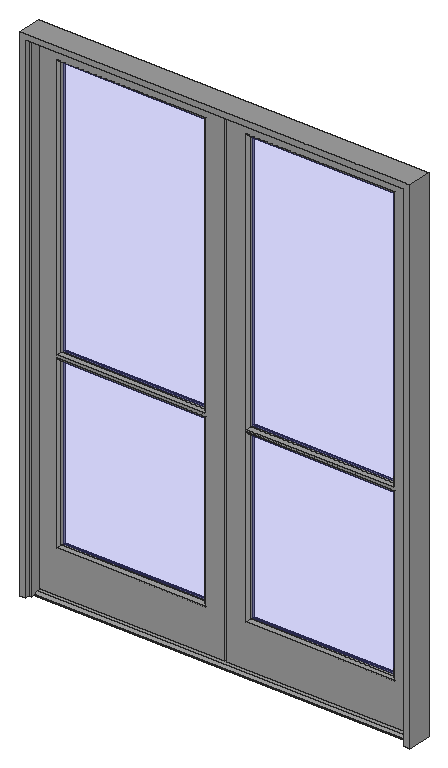
Revit family "MS-375 PIVOT DOOR-Double-0.25-CW_v05", category Curtain Panels, Revit 2015 (continued)
Definition of nested family "2.5x6-RTCIG CW-H8533-DHD-OHD SC-DI"
  Lines and regions (in)
    detail lines, in view "Ref. Level", detail levels fine
      curve 46: line (-1.28244, -1, 0) -> (0.68756, -1, 0)
      curve 47: line (0.68756, -1, 0) -> (0.68756, -1.5, 0)
      curve 48: line (0.68756, -1.5, 0) -> (2.31256, -1.5, 0)
      curve 49: line (2.31256, -1.5, 0) -> (2.31256, -1, 0)
      curve 50: line (2.31256, -1, 0) -> (3.21756, -1, 0)
      curve 51: line (3.21756, -1, 0) -> (3.21756, 0, 0)
      curve 52: line (3.21756, 0, 0) -> (-1.28244, 0, 0)
      curve 53: arc (-1.28244, -0.25, 0) -> (-1.26095, -0.125, 0) -> (-1.28244, 0, 0) r 0.37439
      curve 54: arc (3.21756, 0, 0) -> (3.19608, -0.125, 0) -> (3.21756, -0.25, 0) r 0.37439
      curve 55: arc (1.95497, -1.14175, 0) -> (1.95619, -1.1362, 0) -> (1.95482, -1.13068, 0) r 0.0125
      curve 56: arc (1.98284, -1.14139, 0) -> (1.98406, -1.13584, 0) -> (1.9827, -1.13032, 0) r 0.0125
      curve 57: arc (1.01743, -1.13032, 0) -> (1.01607, -1.13584, 0) -> (1.01729, -1.14139, 0) r 0.0125
      curve 58: arc (1.0453, -1.13068, 0) -> (1.04394, -1.1362, 0) -> (1.04516, -1.14175, 0) r 0.0125
      curve 59: arc (1.10681, -1.025, 0) -> (1.10028, -1.02684, 0) -> (1.09567, -1.03182, 0) r 0.0125
      curve 60: arc (1.90446, -1.03183, 0) -> (1.89985, -1.02684, 0) -> (1.89332, -1.025, 0) r 0.0125
      curve 61: line (-1.03244, -0.25, 0) -> (-1.03244, 0, 0)
      curve 62: line (-1.03244, 0, 0) -> (2.96756, 0, 0)
      curve 63: line (2.96756, 0, 0) -> (2.96756, -0.25, 0)
      curve 64: line (2.96756, -0.25, 0) -> (-1.03244, -0.25, 0)
      curve 65: line (-1.03244, -0.25, 0) -> (2.96756, 0, 0)
      curve 66: line (-1.03244, 0, 0) -> (2.96756, -0.25, 0)
      curve 67: line (1.95497, -1.14175, 0) -> (1.89789, -1.26122, 0)
      curve 68: line (1.89789, -1.26122, 0) -> (1.92045, -1.272, 0)
      curve 69: line (1.92045, -1.272, 0) -> (1.98284, -1.14139, 0)
      curve 70: line (1.9827, -1.13032, 0) -> (1.92904, -1.025, 0)
      curve 71: line (1.92904, -1.025, 0) -> (1.95506, -1.025, 0)
      curve 72: line (1.95506, -1.025, 0) -> (1.95506, -1, 0)
      curve 73: line (1.95506, -1, 0) -> (1.04506, -1, 0)
      curve 74: line (1.04506, -1, 0) -> (1.04506, -1.025, 0)
      curve 75: line (1.04506, -1.025, 0) -> (1.07109, -1.025, 0)
      curve 76: line (1.07109, -1.025, 0) -> (1.01743, -1.13032, 0)
      curve 77: line (1.01729, -1.14139, 0) -> (1.07968, -1.272, 0)
      curve 78: line (1.07968, -1.272, 0) -> (1.10224, -1.26122, 0)
      curve 79: line (1.10224, -1.26122, 0) -> (1.04516, -1.14175, 0)
      curve 80: line (1.0453, -1.13068, 0) -> (1.09567, -1.03182, 0)
      curve 81: line (1.10681, -1.025, 0) -> (1.89332, -1.025, 0)
      curve 82: line (1.90446, -1.03183, 0) -> (1.95482, -1.13068, 0)
      curve 83: line (0.54796, -1.18033, 0) -> (0.56296, -1.18633, 0)
      curve 84: line (0.56296, -1.18633, 0) -> (0.57696, -1.19533, 0)
      curve 85: line (0.57696, -1.19533, 0) -> (0.60296, -1.19933, 0)
      curve 86: line (0.60296, -1.19933, 0) -> (0.62096, -1.20333, 0)
      curve 87: line (0.62096, -1.20333, 0) -> (0.65696, -1.20433, 0)
      curve 88: line (0.65696, -1.20433, 0) -> (0.67296, -1.20633, 0)
      curve 89: line (0.67296, -1.20633, 0) -> (0.69296, -1.20833, 0)
      curve 90: line (0.69296, -1.20833, 0) -> (0.69696, -1.21433, 0)
      curve 91: line (0.69696, -1.21433, 0) -> (0.70996, -1.20833, 0)
      curve 92: line (0.70996, -1.20833, 0) -> (0.69696, -1.21433, 0)
      curve 93: line (0.55396, -1.35233, 0) -> (0.58296, -1.35233, 0)
      curve 94: line (0.58296, -1.35233, 0) -> (0.60796, -1.35233, 0)
      curve 95: line (0.60796, -1.35233, 0) -> (0.62496, -1.35433, 0)
      curve 96: line (0.62496, -1.35433, 0) -> (0.65696, -1.35433, 0)
      curve 97: line (0.65696, -1.35433, 0) -> (0.67696, -1.35533, 0)
      curve 98: line (0.67696, -1.35533, 0) -> (0.70396, -1.36133, 0)
      curve 99: line (0.70396, -1.36133, 0) -> (0.67496, -1.36433, 0)
      curve 100: line (0.67496, -1.36433, 0) -> (0.68996, -1.37033, 0)
      curve 101: line (0.68996, -1.37033, 0) -> (0.67296, -1.36633, 0)
      curve 102: line (0.67296, -1.36633, 0) -> (0.65096, -1.36833, 0)
      curve 103: line (0.65096, -1.36833, 0) -> (0.58796, -1.37733, 0)
      curve 104: line (0.58796, -1.37733, 0) -> (0.60596, -1.37733, 0)
      curve 105: line (0.60596, -1.37733, 0) -> (0.61696, -1.37533, 0)
      curve 106: line (0.61696, -1.37533, 0) -> (0.63196, -1.37433, 0)
      curve 107: line (0.63196, -1.37433, 0) -> (0.65896, -1.37233, 0)
      curve 108: line (0.65896, -1.37233, 0) -> (0.67896, -1.37033, 0)
      curve 109: line (0.67896, -1.37033, 0) -> (0.65296, -1.36633, 0)
      curve 110: line (0.65296, -1.36633, 0) -> (0.62296, -1.36633, 0)
      curve 111: line (0.62296, -1.36633, 0) -> (0.58996, -1.36433, 0)
      curve 112: line (0.58996, -1.36433, 0) -> (0.54796, -1.36933, 0)
      curve 113: line (0.57196, -1.38433, 0) -> (0.58996, -1.38133, 0)
      curve 114: line (0.58996, -1.38133, 0) -> (0.54796, -1.38833, 0)
      curve 115: line (0.54796, -1.38833, 0) -> (0.57196, -1.38433, 0)
      curve 116: line (0.54996, -1.24133, 0) -> (0.56796, -1.23933, 0)
      curve 117: line (0.56796, -1.23933, 0) -> (0.58096, -1.23733, 0)
      curve 118: line (0.58096, -1.23733, 0) -> (0.59396, -1.23533, 0)
      curve 119: line (0.59396, -1.23533, 0) -> (0.61496, -1.23533, 0)
      curve 120: line (0.61496, -1.23533, 0) -> (0.62796, -1.23533, 0)
      curve 121: line (0.62796, -1.23533, 0) -> (0.65696, -1.23733, 0)
      curve 122: line (0.65696, -1.23733, 0) -> (0.67096, -1.23733, 0)
      curve 123: line (0.67096, -1.23733, 0) -> (0.67896, -1.23933, 0)
      curve 124: line (0.67896, -1.23933, 0) -> (0.69696, -1.24133, 0)
      curve 125: line (0.69696, -1.24133, 0) -> (0.71096, -1.24433, 0)
      curve 126: line (0.71096, -1.24433, 0) -> (0.72796, -1.25233, 0)
      curve 127: line (0.72796, -1.25233, 0) -> (0.74196, -1.25233, 0)
      curve 128: line (0.74196, -1.25233, 0) -> (0.72596, -1.24433, 0)
      curve 129: line (0.72596, -1.24433, 0) -> (0.71096, -1.25033, 0)
      curve 130: line (0.71096, -1.25033, 0) -> (0.70196, -1.25033, 0)
      curve 131: line (0.70196, -1.25033, 0) -> (0.68596, -1.25033, 0)
      curve 132: line (0.68596, -1.25033, 0) -> (0.67096, -1.24633, 0)
      curve 133: line (0.67096, -1.24633, 0) -> (0.65496, -1.24633, 0)
      curve 134: line (0.65496, -1.24633, 0) -> (0.62296, -1.24633, 0)
      curve 135: line (0.62296, -1.24633, 0) -> (0.60596, -1.24633, 0)
      curve 136: line (0.60596, -1.24633, 0) -> (0.59396, -1.24633, 0)
      curve 137: line (0.59396, -1.24633, 0) -> (0.54796, -1.25433, 0)
      curve 138: line (0.54996, -1.20833, 0) -> (0.56096, -1.20833, 0)
      curve 139: line (0.56096, -1.20833, 0) -> (0.58096, -1.20833, 0)
      curve 140: line (0.58096, -1.20833, 0) -> (0.59196, -1.20633, 0)
      curve 141: line (0.59196, -1.20633, 0) -> (0.59896, -1.20633, 0)
      curve 142: line (0.59896, -1.20633, 0) -> (0.60596, -1.20833, 0)
      curve 143: line (0.60596, -1.20833, 0) -> (0.62296, -1.21433, 0)
      curve 144: line (0.62296, -1.21433, 0) -> (0.65496, -1.21233, 0)
      curve 145: line (0.65496, -1.21233, 0) -> (0.66196, -1.21033, 0)
      curve 146: line (0.66196, -1.21033, 0) -> (0.67096, -1.21233, 0)
      curve 147: line (0.67096, -1.21233, 0) -> (0.68096, -1.21233, 0)
      curve 148: line (0.68096, -1.21233, 0) -> (0.68996, -1.21233, 0)
      curve 149: line (0.74596, -1.21033, 0) -> (0.73496, -1.21033, 0)
      curve 150: line (0.73496, -1.21033, 0) -> (0.74196, -1.21033, 0)
      curve 151: line (0.74196, -1.21033, 0) -> (0.75296, -1.21033, 0)
      curve 152: line (0.75296, -1.21033, 0) -> (0.76396, -1.21033, 0)
      curve 153: line (0.76396, -1.21033, 0) -> (0.77496, -1.20633, 0)
      curve 154: line (0.77896, -1.20633, 0) -> (0.76796, -1.20633, 0)
      curve 155: line (0.76796, -1.20633, 0) -> (0.76096, -1.20633, 0)
      curve 156: line (0.76096, -1.20633, 0) -> (0.75296, -1.20833, 0)
      curve 157: line (0.75296, -1.20833, 0) -> (0.74596, -1.21033, 0)
      curve 158: line (0.78096, -1.27033, 0) -> (0.76996, -1.27233, 0)
      curve 159: line (0.76996, -1.27233, 0) -> (0.75496, -1.27433, 0)
      curve 160: line (0.75496, -1.27433, 0) -> (0.74396, -1.27433, 0)
      curve 161: line (0.74396, -1.27433, 0) -> (0.73496, -1.27433, 0)
      curve 162: line (0.73496, -1.27433, 0) -> (0.71496, -1.27433, 0)
      curve 163: line (0.71496, -1.27433, 0) -> (0.69696, -1.27433, 0)
      curve 164: line (0.69696, -1.27433, 0) -> (0.67496, -1.27033, 0)
      curve 165: line (0.67496, -1.27033, 0) -> (0.65696, -1.27033, 0)
      curve 166: line (0.65696, -1.27033, 0) -> (0.60996, -1.27033, 0)
      curve 167: line (0.60996, -1.27033, 0) -> (0.57396, -1.27033, 0)
      curve 168: line (0.57396, -1.27033, 0) -> (0.54796, -1.26833, 0)
      curve 169: line (0.54796, -1.26133, 0) -> (0.56796, -1.26133, 0)
      curve 170: line (0.56796, -1.26133, 0) -> (0.59696, -1.26133, 0)
      curve 171: line (0.59696, -1.26133, 0) -> (0.62496, -1.26133, 0)
      curve 172: line (0.62496, -1.26133, 0) -> (0.66796, -1.26333, 0)
      curve 173: line (0.66796, -1.26333, 0) -> (0.70096, -1.26433, 0)
      curve 174: line (0.70096, -1.26433, 0) -> (0.71896, -1.26333, 0)
      curve 175: line (0.71896, -1.26333, 0) -> (0.73296, -1.26333, 0)
      curve 176: line (0.73296, -1.26333, 0) -> (0.75096, -1.26333, 0)
      curve 177: line (0.75096, -1.26333, 0) -> (0.76096, -1.26333, 0)
      curve 178: line (0.76096, -1.26333, 0) -> (0.76796, -1.26333, 0)
      curve 179: line (0.76796, -1.26333, 0) -> (0.78096, -1.26333, 0)
      curve 180: line (0.78096, -1.25133, 0) -> (0.76996, -1.25033, 0)
      curve 181: line (0.76996, -1.25033, 0) -> (0.76196, -1.25033, 0)
      curve 182: line (0.76196, -1.25033, 0) -> (0.75096, -1.25233, 0)
      curve 183: line (0.75096, -1.25233, 0) -> (0.74196, -1.25233, 0)
      curve 184: line (0.74196, -1.25233, 0) -> (0.74996, -1.24833, 0)
      curve 185: line (0.74996, -1.24833, 0) -> (0.76396, -1.24633, 0)
      curve 186: line (0.76396, -1.24633, 0) -> (0.77496, -1.24333, 0)
      curve 187: line (0.76996, -1.22433, 0) -> (0.75496, -1.22433, 0)
      curve 188: line (0.75496, -1.22433, 0) -> (0.74196, -1.22633, 0)
      curve 189: line (0.74196, -1.22633, 0) -> (0.73296, -1.22633, 0)
      curve 190: line (0.73296, -1.22633, 0) -> (0.70996, -1.22433, 0)
      curve 191: line (0.70996, -1.22433, 0) -> (0.69896, -1.22333, 0)
      curve 192: line (0.69896, -1.22333, 0) -> (0.67696, -1.22433, 0)
      curve 193: line (0.67696, -1.22433, 0) -> (0.65296, -1.22333, 0)
      curve 194: line (0.65296, -1.22333, 0) -> (0.62296, -1.22333, 0)
      curve 195: line (0.62296, -1.22333, 0) -> (0.59896, -1.22133, 0)
      curve 196: line (0.59896, -1.22133, 0) -> (0.58096, -1.22133, 0)
      curve 197: line (0.58096, -1.22133, 0) -> (0.56096, -1.22133, 0)
      curve 198: line (0.56096, -1.22133, 0) -> (0.54796, -1.22233, 0)
      curve 199: line (0.73496, -1.21033, 0) -> (0.71896, -1.21233, 0)
      curve 200: line (0.71896, -1.21233, 0) -> (0.70996, -1.20833, 0)
      curve 201: line (0.70996, -1.20833, 0) -> (0.72396, -1.20833, 0)
      curve 202: line (0.72396, -1.20833, 0) -> (0.73296, -1.21233, 0)
      curve 203: line (0.73296, -1.37433, 0) -> (0.74396, -1.37433, 0)
      curve 204: line (0.74396, -1.37433, 0) -> (0.76096, -1.37433, 0)
      curve 205: line (0.76096, -1.37433, 0) -> (0.77296, -1.37433, 0)
      curve 206: line (0.78096, -1.37033, 0) -> (0.77096, -1.37033, 0)
      curve 207: line (0.77096, -1.37033, 0) -> (0.75496, -1.37033, 0)
      curve 208: line (0.75496, -1.37033, 0) -> (0.74796, -1.36833, 0)
      curve 209: line (0.74796, -1.36833, 0) -> (0.74096, -1.36833, 0)
      curve 210: line (0.74096, -1.36833, 0) -> (0.72996, -1.36633, 0)
      curve 211: line (0.72996, -1.36633, 0) -> (0.71496, -1.36633, 0)
      curve 212: line (0.71496, -1.36633, 0) -> (0.70396, -1.36633, 0)
      curve 213: line (0.70396, -1.36633, 0) -> (0.68996, -1.37033, 0)
      curve 214: line (0.68996, -1.37033, 0) -> (0.70596, -1.37233, 0)
      curve 215: line (0.70596, -1.37233, 0) -> (0.72096, -1.37233, 0)
      curve 216: line (0.72096, -1.37233, 0) -> (0.73296, -1.37433, 0)
      curve 217: line (0.75896, -1.35433, 0) -> (0.74796, -1.35033, 0)
      curve 218: line (0.74796, -1.35033, 0) -> (0.76396, -1.34633, 0)
      curve 219: line (0.76396, -1.34633, 0) -> (0.77296, -1.34633, 0)
      curve 220: line (0.77296, -1.34633, 0) -> (0.78096, -1.34833, 0)
      curve 221: line (0.78096, -1.34833, 0) -> (0.77296, -1.35433, 0)
      curve 222: line (0.77296, -1.35433, 0) -> (0.76596, -1.35433, 0)
      curve 223: line (0.76596, -1.35433, 0) -> (0.75896, -1.35433, 0)
      curve 224: line (0.54796, -1.31033, 0) -> (0.55896, -1.31033, 0)
      curve 225: line (0.55896, -1.31033, 0) -> (0.58796, -1.30833, 0)
      curve 226: line (0.58796, -1.30833, 0) -> (0.61496, -1.30833, 0)
      curve 227: line (0.61496, -1.30833, 0) -> (0.62796, -1.30833, 0)
      curve 228: line (0.62796, -1.30833, 0) -> (0.66196, -1.31033, 0)
      curve 229: line (0.66196, -1.31033, 0) -> (0.68096, -1.31233, 0)
      curve 230: line (0.68096, -1.31233, 0) -> (0.69896, -1.31433, 0)
      curve 231: line (0.69896, -1.31433, 0) -> (0.72096, -1.31433, 0)
      curve 232: line (0.72096, -1.31433, 0) -> (0.73696, -1.31433, 0)
      curve 233: line (0.73696, -1.31433, 0) -> (0.75896, -1.31433, 0)
      curve 234: line (0.75896, -1.31433, 0) -> (0.76596, -1.31433, 0)
      curve 235: line (0.76596, -1.31433, 0) -> (0.77896, -1.31033, 0)
      curve 236: line (0.54796, -1.32333, 0) -> (0.57896, -1.32133, 0)
      curve 237: line (0.57896, -1.32133, 0) -> (0.60496, -1.31933, 0)
      curve 238: line (0.60496, -1.31933, 0) -> (0.61896, -1.31933, 0)
      curve 239: line (0.61896, -1.31933, 0) -> (0.66196, -1.31933, 0)
      curve 240: line (0.66196, -1.31933, 0) -> (0.67696, -1.32133, 0)
      curve 241: line (0.67696, -1.32133, 0) -> (0.70096, -1.32133, 0)
      curve 242: line (0.70096, -1.32133, 0) -> (0.71496, -1.32133, 0)
      curve 243: line (0.71496, -1.32133, 0) -> (0.73496, -1.32133, 0)
      curve 244: line (0.73496, -1.32133, 0) -> (0.75096, -1.32333, 0)
      curve 245: line (0.75096, -1.32333, 0) -> (0.76196, -1.32433, 0)
      curve 246: line (0.76196, -1.32433, 0) -> (0.77096, -1.32433, 0)
      curve 247: line (0.77096, -1.32433, 0) -> (0.78096, -1.32433, 0)
      curve 248: line (0.73296, -1.35433, 0) -> (0.74796, -1.35433, 0)
      curve 249: line (0.74796, -1.35433, 0) -> (0.72596, -1.35733, 0)
      curve 250: line (0.72596, -1.35733, 0) -> (0.73296, -1.35433, 0)
      curve 251: line (0.71296, -1.35533, 0) -> (0.70396, -1.36133, 0)
      curve 252: line (0.70396, -1.36133, 0) -> (0.72596, -1.35733, 0)
      curve 253: line (0.72596, -1.35733, 0) -> (0.71296, -1.35533, 0)
      curve 254: line (0.54796, -1.29533, 0) -> (0.57696, -1.29533, 0)
      curve 255: line (0.57696, -1.29533, 0) -> (0.60996, -1.29533, 0)
      curve 256: line (0.60996, -1.29533, 0) -> (0.65296, -1.29533, 0)
      curve 257: line (0.65296, -1.29533, 0) -> (0.67296, -1.29533, 0)
      curve 258: line (0.67296, -1.29533, 0) -> (0.69896, -1.29933, 0)
      curve 259: line (0.69896, -1.29933, 0) -> (0.70796, -1.29933, 0)
      curve 260: line (0.70796, -1.29933, 0) -> (0.72096, -1.30133, 0)
      curve 261: line (0.72096, -1.30133, 0) -> (0.73296, -1.30133, 0)
      curve 262: line (0.73296, -1.30133, 0) -> (0.74396, -1.30133, 0)
      curve 263: line (0.74396, -1.30133, 0) -> (0.75296, -1.30133, 0)
      curve 264: line (0.75296, -1.30133, 0) -> (0.76996, -1.29933, 0)
      curve 265: line (0.76996, -1.29933, 0) -> (0.77696, -1.29933, 0)
      curve 266: line (0.77696, -1.29933, 0) -> (0.77696, -1.2896, 0)
      curve 267: line (0.78096, -1.28933, 0) -> (0.76596, -1.29033, 0)
      curve 268: line (0.76596, -1.29033, 0) -> (0.75496, -1.29033, 0)
      curve 269: line (0.75496, -1.29033, 0) -> (0.74096, -1.29233, 0)
      curve 270: line (0.74096, -1.29233, 0) -> (0.70996, -1.28833, 0)
      curve 271: line (0.70996, -1.28833, 0) -> (0.69296, -1.28833, 0)
      curve 272: line (0.69296, -1.28833, 0) -> (0.67696, -1.28833, 0)
      curve 273: line (0.67696, -1.28833, 0) -> (0.66096, -1.28633, 0)
      curve 274: line (0.66096, -1.28633, 0) -> (0.62296, -1.28633, 0)
      curve 275: line (0.62296, -1.28633, 0) -> (0.60096, -1.28433, 0)
      curve 276: line (0.60096, -1.28433, 0) -> (0.56096, -1.28333, 0)
      curve 277: line (0.56096, -1.28333, 0) -> (0.54796, -1.28333, 0)
      curve 278: line (0.54796, -1.33833, 0) -> (0.57896, -1.33533, 0)
      curve 279: line (0.57896, -1.33533, 0) -> (0.61496, -1.33733, 0)
      curve 280: line (0.61496, -1.33733, 0) -> (0.65296, -1.33733, 0)
      curve 281: line (0.65296, -1.33733, 0) -> (0.67496, -1.33733, 0)
      curve 282: line (0.67496, -1.33733, 0) -> (0.69496, -1.33733, 0)
      curve 283: line (0.69496, -1.33733, 0) -> (0.70996, -1.33733, 0)
      curve 284: line (0.70996, -1.33733, 0) -> (0.72596, -1.33933, 0)
      curve 285: line (0.72596, -1.33933, 0) -> (0.73696, -1.33933, 0)
      curve 286: line (0.73696, -1.33933, 0) -> (0.74796, -1.33933, 0)
      curve 287: line (0.74796, -1.33933, 0) -> (0.75896, -1.33933, 0)
      curve 288: line (0.75896, -1.33933, 0) -> (0.77696, -1.33733, 0)
      curve 289: line (0.78096, -1.41933, 0) -> (0.78096, -1.15933, 0)
    detail lines, in view "Ref. Level", detail levels medium
      curve 290: arc (1.65506, -0.328, 0) -> (1.67791, -0.38315, 0) -> (1.73306, -0.406, 0) r 0.078
      curve 291: arc (0.20206, -0.406, 0) -> (0.25722, -0.38315, 0) -> (0.28006, -0.328, 0) r 0.078
      curve 292: arc (0.68756, -1.173, 0) -> (0.71506, -1.2005, 0) -> (0.74256, -1.173, 0) r 0.0275
      curve 293: arc (0.74256, -1.408, 0) -> (0.71506, -1.3805, 0) -> (0.68756, -1.408, 0) r 0.0275
      curve 294: arc (2.00056, -1, 0) -> (1.96239, -1.07442, 0) -> (2.04511, -1.062, 0) r 0.047
      curve 295: arc (0.95295, -1.053, 0) -> (1.03486, -1.07804, 0) -> (0.99956, -1, 0) r 0.047
      curve 296: line (1.73306, -0.406, 0) -> (1.98306, -0.406, 0)
      curve 297: line (1.98306, -0.406, 0) -> (1.98306, -0.375, 0)
      curve 298: line (1.98306, -0.375, 0) -> (3.09256, -0.375, 0)
      curve 299: line (3.09256, -0.375, 0) -> (3.09256, -0.875, 0)
      curve 300: line (3.09256, -0.875, 0) -> (-1.15744, -0.875, 0)
      curve 301: line (-1.15744, -0.875, 0) -> (-1.15744, -0.375, 0)
      curve 302: line (-1.15744, -0.375, 0) -> (-0.04794, -0.375, 0)
      curve 303: line (-0.04794, -0.375, 0) -> (-0.04794, -0.406, 0)
      curve 304: line (-0.04794, -0.406, 0) -> (0.20206, -0.406, 0)
      curve 305: line (0.28006, -0.328, 0) -> (0.03006, -0.328, 0)
      curve 306: line (0.03006, -0.328, 0) -> (0.03006, -0.25, 0)
      curve 307: line (0.03006, -0.25, 0) -> (-1.28244, -0.25, 0)
      curve 308: line (-1.28244, -0.25, 0) -> (-1.28244, -1, 0)
      curve 309: line (-1.28244, -1, 0) -> (3.21756, -1, 0)
      curve 310: line (3.21756, -1, 0) -> (3.21756, -0.25, 0)
      curve 311: line (3.21756, -0.25, 0) -> (1.90506, -0.25, 0)
      curve 312: line (1.90506, -0.25, 0) -> (1.90506, -0.328, 0)
      curve 313: line (1.90506, -0.328, 0) -> (1.65506, -0.328, 0)
      curve 314: line (0.74256, -1.173, 0) -> (0.74256, -1.143, 0)
      curve 315: line (0.74256, -1.143, 0) -> (0.79756, -1.143, 0)
      curve 316: line (0.79756, -1.143, 0) -> (0.79756, -1.438, 0)
      curve 317: line (0.79756, -1.438, 0) -> (0.74256, -1.438, 0)
      curve 318: line (0.74256, -1.438, 0) -> (0.74256, -1.408, 0)
      curve 319: line (0.68756, -1.408, 0) -> (0.68756, -1.5, 0)
      curve 320: line (0.68756, -1.5, 0) -> (2.31256, -1.5, 0)
      curve 321: line (2.31256, -1.5, 0) -> (2.31256, -1, 0)
      curve 322: line (2.31256, -1, 0) -> (2.00056, -1, 0)
      curve 323: line (2.04511, -1.062, 0) -> (2.25056, -1.062, 0)
      curve 324: line (2.25056, -1.062, 0) -> (2.25056, -1.438, 0)
      curve 325: line (2.25056, -1.438, 0) -> (0.85956, -1.438, 0)
      curve 326: line (0.85956, -1.438, 0) -> (0.85956, -1.053, 0)
      curve 327: line (0.85956, -1.053, 0) -> (0.95295, -1.053, 0)
      curve 328: line (0.99956, -1, 0) -> (0.79756, -1, 0)
      curve 329: line (0.79756, -1, 0) -> (0.79756, -1.081, 0)
      curve 330: line (0.79756, -1.081, 0) -> (0.74256, -1.081, 0)
      curve 331: line (0.74256, -1.081, 0) -> (0.74256, -1, 0)
      curve 332: line (0.74256, -1, 0) -> (0.68756, -1, 0)
      curve 333: line (0.68756, -1, 0) -> (0.68756, -1.173, 0)
      curve 334: line (-1.28244, 0, 0) -> (-1.28244, -1, 0)
      curve 335: line (-1.28244, -1, 0) -> (0.68756, -1, 0)
      curve 336: line (0.68756, -1, 0) -> (0.68756, -1.5, 0)
      curve 337: line (0.68756, -1.5, 0) -> (2.31256, -1.5, 0)
      curve 338: line (2.31256, -1.5, 0) -> (2.31256, -1, 0)
      curve 339: line (2.31256, -1, 0) -> (3.21756, -1, 0)
      curve 340: line (3.21756, -1, 0) -> (3.21756, 0, 0)
      curve 341: line (3.21756, 0, 0) -> (-1.28244, 0, 0)
    detail lines, in view "Ref. Level", not visible, detail levels fine
      curve 342: arc (1.65506, -0.328, 0) -> (1.67791, -0.38315, 0) -> (1.73306, -0.406, 0) r 0.078
      curve 343: arc (0.20206, -0.406, 0) -> (0.25722, -0.38315, 0) -> (0.28006, -0.328, 0) r 0.078
      curve 344: arc (0.68756, -1.173, 0) -> (0.71506, -1.2005, 0) -> (0.74256, -1.173, 0) r 0.0275
      curve 345: arc (0.74256, -1.408, 0) -> (0.71506, -1.3805, 0) -> (0.68756, -1.408, 0) r 0.0275
      curve 346: arc (2.00056, -1, 0) -> (1.96239, -1.07442, 0) -> (2.04511, -1.062, 0) r 0.047
      curve 347: arc (0.95295, -1.053, 0) -> (1.03486, -1.07804, 0) -> (0.99956, -1, 0) r 0.047
      curve 348: line (1.73306, -0.406, 0) -> (1.98306, -0.406, 0)
      curve 349: line (1.98306, -0.406, 0) -> (1.98306, -0.375, 0)
      curve 350: line (1.98306, -0.375, 0) -> (3.09256, -0.375, 0)
      curve 351: line (3.09256, -0.375, 0) -> (3.09256, -0.875, 0)
      curve 352: line (3.09256, -0.875, 0) -> (-1.15744, -0.875, 0)
      curve 353: line (-1.15744, -0.875, 0) -> (-1.15744, -0.375, 0)
      curve 354: line (-1.15744, -0.375, 0) -> (-0.04794, -0.375, 0)
      curve 355: line (-0.04794, -0.375, 0) -> (-0.04794, -0.406, 0)
      curve 356: line (-0.04794, -0.406, 0) -> (0.20206, -0.406, 0)
      curve 357: line (0.28006, -0.328, 0) -> (0.03006, -0.328, 0)
      curve 358: line (0.03006, -0.328, 0) -> (0.03006, -0.25, 0)
      curve 359: line (0.03006, -0.25, 0) -> (-1.28244, -0.25, 0)
      curve 360: line (-1.28244, -0.25, 0) -> (-1.28244, -1, 0)
      curve 361: line (-1.28244, -1, 0) -> (3.21756, -1, 0)
      curve 362: line (3.21756, -1, 0) -> (3.21756, -0.25, 0)
      curve 363: line (3.21756, -0.25, 0) -> (1.90506, -0.25, 0)
      curve 364: line (1.90506, -0.25, 0) -> (1.90506, -0.328, 0)
      curve 365: line (1.90506, -0.328, 0) -> (1.65506, -0.328, 0)
      curve 366: line (0.74256, -1.173, 0) -> (0.74256, -1.143, 0)
      curve 367: line (0.74256, -1.143, 0) -> (0.79756, -1.143, 0)
      curve 368: line (0.79756, -1.143, 0) -> (0.79756, -1.438, 0)
      curve 369: line (0.79756, -1.438, 0) -> (0.74256, -1.438, 0)
      curve 370: line (0.74256, -1.438, 0) -> (0.74256, -1.408, 0)
      curve 371: line (0.68756, -1.408, 0) -> (0.68756, -1.5, 0)
      curve 372: line (0.68756, -1.5, 0) -> (2.31256, -1.5, 0)
      curve 373: line (2.31256, -1.5, 0) -> (2.31256, -1, 0)
      curve 374: line (2.31256, -1, 0) -> (2.00056, -1, 0)
      curve 375: line (2.04511, -1.062, 0) -> (2.25056, -1.062, 0)
      curve 376: line (2.25056, -1.062, 0) -> (2.25056, -1.438, 0)
      curve 377: line (2.25056, -1.438, 0) -> (0.85956, -1.438, 0)
      curve 378: line (0.85956, -1.438, 0) -> (0.85956, -1.053, 0)
      curve 379: line (0.85956, -1.053, 0) -> (0.95295, -1.053, 0)
      curve 380: line (0.99956, -1, 0) -> (0.79756, -1, 0)
      curve 381: line (0.79756, -1, 0) -> (0.79756, -1.081, 0)
      curve 382: line (0.79756, -1.081, 0) -> (0.74256, -1.081, 0)
      curve 383: line (0.74256, -1.081, 0) -> (0.74256, -1, 0)
      curve 384: line (0.74256, -1, 0) -> (0.68756, -1, 0)
      curve 385: line (0.68756, -1, 0) -> (0.68756, -1.173, 0)
      curve 386: line (-1.28244, 0, 0) -> (-1.28244, -1, 0)
      curve 387: line (-1.28244, -1, 0) -> (0.68756, -1, 0)
      curve 388: line (0.68756, -1, 0) -> (0.68756, -1.5, 0)
      curve 389: line (0.68756, -1.5, 0) -> (2.31256, -1.5, 0)
      curve 390: line (2.31256, -1.5, 0) -> (2.31256, -1, 0)
      curve 391: line (2.31256, -1, 0) -> (3.21756, -1, 0)
      curve 392: line (3.21756, -1, 0) -> (3.21756, 0, 0)
      curve 393: line (3.21756, 0, 0) -> (-1.28244, 0, 0)
      curve 394: arc (-1.28244, -0.25, 0) -> (-1.26095, -0.125, 0) -> (-1.28244, 0, 0) r 0.37439
      curve 395: arc (3.21756, 0, 0) -> (3.19608, -0.125, 0) -> (3.21756, -0.25, 0) r 0.37439
      curve 396: arc (1.95497, -1.14175, 0) -> (1.95619, -1.1362, 0) -> (1.95482, -1.13068, 0) r 0.0125
      curve 397: arc (1.98284, -1.14139, 0) -> (1.98406, -1.13584, 0) -> (1.9827, -1.13032, 0) r 0.0125
      curve 398: arc (1.01743, -1.13032, 0) -> (1.01607, -1.13584, 0) -> (1.01729, -1.14139, 0) r 0.0125
      curve 399: arc (1.0453, -1.13068, 0) -> (1.04394, -1.1362, 0) -> (1.04516, -1.14175, 0) r 0.0125
      curve 400: arc (1.10681, -1.025, 0) -> (1.10028, -1.02684, 0) -> (1.09567, -1.03182, 0) r 0.0125
      curve 401: arc (1.90446, -1.03183, 0) -> (1.89985, -1.02684, 0) -> (1.89332, -1.025, 0) r 0.0125
      curve 402: line (-1.03244, -0.25, 0) -> (-1.03244, 0, 0)
      curve 403: line (-1.03244, 0, 0) -> (2.96756, 0, 0)
      curve 404: line (2.96756, 0, 0) -> (2.96756, -0.25, 0)
      curve 405: line (2.96756, -0.25, 0) -> (-1.03244, -0.25, 0)
      curve 406: line (-1.03244, -0.25, 0) -> (2.96756, 0, 0)
      curve 407: line (-1.03244, 0, 0) -> (2.96756, -0.25, 0)
      curve 408: line (1.95497, -1.14175, 0) -> (1.89789, -1.26122, 0)
      curve 409: line (1.89789, -1.26122, 0) -> (1.92045, -1.272, 0)
      curve 410: line (1.92045, -1.272, 0) -> (1.98284, -1.14139, 0)
      curve 411: line (1.9827, -1.13032, 0) -> (1.92904, -1.025, 0)
      curve 412: line (1.92904, -1.025, 0) -> (1.95506, -1.025, 0)
      curve 413: line (1.95506, -1.025, 0) -> (1.95506, -1, 0)
      curve 414: line (1.95506, -1, 0) -> (1.04506, -1, 0)
      curve 415: line (1.04506, -1, 0) -> (1.04506, -1.025, 0)
      curve 416: line (1.04506, -1.025, 0) -> (1.07109, -1.025, 0)
      curve 417: line (1.07109, -1.025, 0) -> (1.01743, -1.13032, 0)
      curve 418: line (1.01729, -1.14139, 0) -> (1.07968, -1.272, 0)
      curve 419: line (1.07968, -1.272, 0) -> (1.10224, -1.26122, 0)
      curve 420: line (1.10224, -1.26122, 0) -> (1.04516, -1.14175, 0)
      curve 421: line (1.0453, -1.13068, 0) -> (1.09567, -1.03182, 0)
      curve 422: line (1.10681, -1.025, 0) -> (1.89332, -1.025, 0)
      curve 423: line (1.90446, -1.03183, 0) -> (1.95482, -1.13068, 0)
      curve 424: line (0.54796, -1.18033, 0) -> (0.56296, -1.18633, 0)
      curve 425: line (0.56296, -1.18633, 0) -> (0.57696, -1.19533, 0)
      curve 426: line (0.57696, -1.19533, 0) -> (0.60296, -1.19933, 0)
      curve 427: line (0.60296, -1.19933, 0) -> (0.62096, -1.20333, 0)
      curve 428: line (0.62096, -1.20333, 0) -> (0.65696, -1.20433, 0)
      curve 429: line (0.65696, -1.20433, 0) -> (0.67296, -1.20633, 0)
      curve 430: line (0.67296, -1.20633, 0) -> (0.69296, -1.20833, 0)
      curve 431: line (0.69296, -1.20833, 0) -> (0.69696, -1.21433, 0)
      curve 432: line (0.69696, -1.21433, 0) -> (0.70996, -1.20833, 0)
      curve 433: line (0.70996, -1.20833, 0) -> (0.69696, -1.21433, 0)
      curve 434: line (0.55396, -1.35233, 0) -> (0.58296, -1.35233, 0)
      curve 435: line (0.58296, -1.35233, 0) -> (0.60796, -1.35233, 0)
      curve 436: line (0.60796, -1.35233, 0) -> (0.62496, -1.35433, 0)
      curve 437: line (0.62496, -1.35433, 0) -> (0.65696, -1.35433, 0)
      curve 438: line (0.65696, -1.35433, 0) -> (0.67696, -1.35533, 0)
      curve 439: line (0.67696, -1.35533, 0) -> (0.70396, -1.36133, 0)
      curve 440: line (0.70396, -1.36133, 0) -> (0.67496, -1.36433, 0)
      curve 441: line (0.67496, -1.36433, 0) -> (0.68996, -1.37033, 0)
      curve 442: line (0.68996, -1.37033, 0) -> (0.67296, -1.36633, 0)
      curve 443: line (0.67296, -1.36633, 0) -> (0.65096, -1.36833, 0)
      curve 444: line (0.65096, -1.36833, 0) -> (0.58796, -1.37733, 0)
      curve 445: line (0.58796, -1.37733, 0) -> (0.60596, -1.37733, 0)
      curve 446: line (0.60596, -1.37733, 0) -> (0.61696, -1.37533, 0)
      curve 447: line (0.61696, -1.37533, 0) -> (0.63196, -1.37433, 0)
      curve 448: line (0.63196, -1.37433, 0) -> (0.65896, -1.37233, 0)
      curve 449: line (0.65896, -1.37233, 0) -> (0.67896, -1.37033, 0)
      curve 450: line (0.67896, -1.37033, 0) -> (0.65296, -1.36633, 0)
      curve 451: line (0.65296, -1.36633, 0) -> (0.62296, -1.36633, 0)
      curve 452: line (0.62296, -1.36633, 0) -> (0.58996, -1.36433, 0)
      curve 453: line (0.58996, -1.36433, 0) -> (0.54796, -1.36933, 0)
      curve 454: line (0.57196, -1.38433, 0) -> (0.58996, -1.38133, 0)
      curve 455: line (0.58996, -1.38133, 0) -> (0.54796, -1.38833, 0)
      curve 456: line (0.54796, -1.38833, 0) -> (0.57196, -1.38433, 0)
      curve 457: line (0.54996, -1.24133, 0) -> (0.56796, -1.23933, 0)
      curve 458: line (0.56796, -1.23933, 0) -> (0.58096, -1.23733, 0)
      curve 459: line (0.58096, -1.23733, 0) -> (0.59396, -1.23533, 0)
      curve 460: line (0.59396, -1.23533, 0) -> (0.61496, -1.23533, 0)
      curve 461: line (0.61496, -1.23533, 0) -> (0.62796, -1.23533, 0)
      curve 462: line (0.62796, -1.23533, 0) -> (0.65696, -1.23733, 0)
      curve 463: line (0.65696, -1.23733, 0) -> (0.67096, -1.23733, 0)
      curve 464: line (0.67096, -1.23733, 0) -> (0.67896, -1.23933, 0)
      curve 465: line (0.67896, -1.23933, 0) -> (0.69696, -1.24133, 0)
      curve 466: line (0.69696, -1.24133, 0) -> (0.71096, -1.24433, 0)
      curve 467: line (0.71096, -1.24433, 0) -> (0.72796, -1.25233, 0)
      curve 468: line (0.72796, -1.25233, 0) -> (0.74196, -1.25233, 0)
      curve 469: line (0.74196, -1.25233, 0) -> (0.72596, -1.24433, 0)
      curve 470: line (0.72596, -1.24433, 0) -> (0.71096, -1.25033, 0)
      curve 471: line (0.71096, -1.25033, 0) -> (0.70196, -1.25033, 0)
      curve 472: line (0.70196, -1.25033, 0) -> (0.68596, -1.25033, 0)
      curve 473: line (0.68596, -1.25033, 0) -> (0.67096, -1.24633, 0)
      curve 474: line (0.67096, -1.24633, 0) -> (0.65496, -1.24633, 0)
      curve 475: line (0.65496, -1.24633, 0) -> (0.62296, -1.24633, 0)
      curve 476: line (0.62296, -1.24633, 0) -> (0.60596, -1.24633, 0)
      curve 477: line (0.60596, -1.24633, 0) -> (0.59396, -1.24633, 0)
      curve 478: line (0.59396, -1.24633, 0) -> (0.54796, -1.25433, 0)
      curve 479: line (0.54996, -1.20833, 0) -> (0.56096, -1.20833, 0)
      curve 480: line (0.56096, -1.20833, 0) -> (0.58096, -1.20833, 0)
      curve 481: line (0.58096, -1.20833, 0) -> (0.59196, -1.20633, 0)
      curve 482: line (0.59196, -1.20633, 0) -> (0.59896, -1.20633, 0)
      curve 483: line (0.59896, -1.20633, 0) -> (0.60596, -1.20833, 0)
      curve 484: line (0.60596, -1.20833, 0) -> (0.62296, -1.21433, 0)
      curve 485: line (0.62296, -1.21433, 0) -> (0.65496, -1.21233, 0)
      curve 486: line (0.65496, -1.21233, 0) -> (0.66196, -1.21033, 0)
      curve 487: line (0.66196, -1.21033, 0) -> (0.67096, -1.21233, 0)
      curve 488: line (0.67096, -1.21233, 0) -> (0.68096, -1.21233, 0)
      curve 489: line (0.68096, -1.21233, 0) -> (0.68996, -1.21233, 0)
      curve 490: line (0.74596, -1.21033, 0) -> (0.73496, -1.21033, 0)
      curve 491: line (0.73496, -1.21033, 0) -> (0.74196, -1.21033, 0)
      curve 492: line (0.74196, -1.21033, 0) -> (0.75296, -1.21033, 0)
      curve 493: line (0.75296, -1.21033, 0) -> (0.76396, -1.21033, 0)
      curve 494: line (0.76396, -1.21033, 0) -> (0.77496, -1.20633, 0)
      curve 495: line (0.77896, -1.20633, 0) -> (0.76796, -1.20633, 0)
      curve 496: line (0.76796, -1.20633, 0) -> (0.76096, -1.20633, 0)
      curve 497: line (0.76096, -1.20633, 0) -> (0.75296, -1.20833, 0)
      curve 498: line (0.75296, -1.20833, 0) -> (0.74596, -1.21033, 0)
      curve 499: line (0.78096, -1.27033, 0) -> (0.76996, -1.27233, 0)
      curve 500: line (0.76996, -1.27233, 0) -> (0.75496, -1.27433, 0)
      curve 501: line (0.75496, -1.27433, 0) -> (0.74396, -1.27433, 0)
      curve 502: line (0.74396, -1.27433, 0) -> (0.73496, -1.27433, 0)
      curve 503: line (0.73496, -1.27433, 0) -> (0.71496, -1.27433, 0)
      curve 504: line (0.71496, -1.27433, 0) -> (0.69696, -1.27433, 0)
      curve 505: line (0.69696, -1.27433, 0) -> (0.67496, -1.27033, 0)
      curve 506: line (0.67496, -1.27033, 0) -> (0.65696, -1.27033, 0)
      curve 507: line (0.65696, -1.27033, 0) -> (0.60996, -1.27033, 0)
      curve 508: line (0.60996, -1.27033, 0) -> (0.57396, -1.27033, 0)
      curve 509: line (0.57396, -1.27033, 0) -> (0.54796, -1.26833, 0)
      curve 510: line (0.54796, -1.26133, 0) -> (0.56796, -1.26133, 0)
      curve 511: line (0.56796, -1.26133, 0) -> (0.59696, -1.26133, 0)
      curve 512: line (0.59696, -1.26133, 0) -> (0.62496, -1.26133, 0)
      curve 513: line (0.62496, -1.26133, 0) -> (0.66796, -1.26333, 0)
      curve 514: line (0.66796, -1.26333, 0) -> (0.70096, -1.26433, 0)
      curve 515: line (0.70096, -1.26433, 0) -> (0.71896, -1.26333, 0)
      curve 516: line (0.71896, -1.26333, 0) -> (0.73296, -1.26333, 0)
      curve 517: line (0.73296, -1.26333, 0) -> (0.75096, -1.26333, 0)
      curve 518: line (0.75096, -1.26333, 0) -> (0.76096, -1.26333, 0)
      curve 519: line (0.76096, -1.26333, 0) -> (0.76796, -1.26333, 0)
      curve 520: line (0.76796, -1.26333, 0) -> (0.78096, -1.26333, 0)
      curve 521: line (0.78096, -1.25133, 0) -> (0.76996, -1.25033, 0)
      curve 522: line (0.76996, -1.25033, 0) -> (0.76196, -1.25033, 0)
      curve 523: line (0.76196, -1.25033, 0) -> (0.75096, -1.25233, 0)
      curve 524: line (0.75096, -1.25233, 0) -> (0.74196, -1.25233, 0)
      curve 525: line (0.74196, -1.25233, 0) -> (0.74996, -1.24833, 0)
      curve 526: line (0.74996, -1.24833, 0) -> (0.76396, -1.24633, 0)
      curve 527: line (0.76396, -1.24633, 0) -> (0.77496, -1.24333, 0)
      curve 528: line (0.76996, -1.22433, 0) -> (0.75496, -1.22433, 0)
      curve 529: line (0.75496, -1.22433, 0) -> (0.74196, -1.22633, 0)
      curve 530: line (0.74196, -1.22633, 0) -> (0.73296, -1.22633, 0)
      curve 531: line (0.73296, -1.22633, 0) -> (0.70996, -1.22433, 0)
      curve 532: line (0.70996, -1.22433, 0) -> (0.69896, -1.22333, 0)
      curve 533: line (0.69896, -1.22333, 0) -> (0.67696, -1.22433, 0)
      curve 534: line (0.67696, -1.22433, 0) -> (0.65296, -1.22333, 0)
      curve 535: line (0.65296, -1.22333, 0) -> (0.62296, -1.22333, 0)
      curve 536: line (0.62296, -1.22333, 0) -> (0.59896, -1.22133, 0)
      curve 537: line (0.59896, -1.22133, 0) -> (0.58096, -1.22133, 0)
      curve 538: line (0.58096, -1.22133, 0) -> (0.56096, -1.22133, 0)
      curve 539: line (0.56096, -1.22133, 0) -> (0.54796, -1.22233, 0)
      curve 540: line (0.73496, -1.21033, 0) -> (0.71896, -1.21233, 0)
      curve 541: line (0.71896, -1.21233, 0) -> (0.70996, -1.20833, 0)
      curve 542: line (0.70996, -1.20833, 0) -> (0.72396, -1.20833, 0)
      curve 543: line (0.72396, -1.20833, 0) -> (0.73296, -1.21233, 0)
      curve 544: line (0.73296, -1.37433, 0) -> (0.74396, -1.37433, 0)
      curve 545: line (0.74396, -1.37433, 0) -> (0.76096, -1.37433, 0)
      curve 546: line (0.76096, -1.37433, 0) -> (0.77296, -1.37433, 0)
      curve 547: line (0.78096, -1.37033, 0) -> (0.77096, -1.37033, 0)
      curve 548: line (0.77096, -1.37033, 0) -> (0.75496, -1.37033, 0)
      curve 549: line (0.75496, -1.37033, 0) -> (0.74796, -1.36833, 0)
      curve 550: line (0.74796, -1.36833, 0) -> (0.74096, -1.36833, 0)
      curve 551: line (0.74096, -1.36833, 0) -> (0.72996, -1.36633, 0)
      curve 552: line (0.72996, -1.36633, 0) -> (0.71496, -1.36633, 0)
      curve 553: line (0.71496, -1.36633, 0) -> (0.70396, -1.36633, 0)
      curve 554: line (0.70396, -1.36633, 0) -> (0.68996, -1.37033, 0)
      curve 555: line (0.68996, -1.37033, 0) -> (0.70596, -1.37233, 0)
      curve 556: line (0.70596, -1.37233, 0) -> (0.72096, -1.37233, 0)
      curve 557: line (0.72096, -1.37233, 0) -> (0.73296, -1.37433, 0)
      curve 558: line (0.75896, -1.35433, 0) -> (0.74796, -1.35033, 0)
      curve 559: line (0.74796, -1.35033, 0) -> (0.76396, -1.34633, 0)
      curve 560: line (0.76396, -1.34633, 0) -> (0.77296, -1.34633, 0)
      curve 561: line (0.77296, -1.34633, 0) -> (0.78096, -1.34833, 0)
      curve 562: line (0.78096, -1.34833, 0) -> (0.77296, -1.35433, 0)
      curve 563: line (0.77296, -1.35433, 0) -> (0.76596, -1.35433, 0)
      curve 564: line (0.76596, -1.35433, 0) -> (0.75896, -1.35433, 0)
      curve 565: line (0.54796, -1.31033, 0) -> (0.55896, -1.31033, 0)
      curve 566: line (0.55896, -1.31033, 0) -> (0.58796, -1.30833, 0)
      curve 567: line (0.58796, -1.30833, 0) -> (0.61496, -1.30833, 0)
      curve 568: line (0.61496, -1.30833, 0) -> (0.62796, -1.30833, 0)
      curve 569: line (0.62796, -1.30833, 0) -> (0.66196, -1.31033, 0)
      curve 570: line (0.66196, -1.31033, 0) -> (0.68096, -1.31233, 0)
      curve 571: line (0.68096, -1.31233, 0) -> (0.69896, -1.31433, 0)
      curve 572: line (0.69896, -1.31433, 0) -> (0.72096, -1.31433, 0)
      curve 573: line (0.72096, -1.31433, 0) -> (0.73696, -1.31433, 0)
      curve 574: line (0.73696, -1.31433, 0) -> (0.75896, -1.31433, 0)
      curve 575: line (0.75896, -1.31433, 0) -> (0.76596, -1.31433, 0)
      curve 576: line (0.76596, -1.31433, 0) -> (0.77896, -1.31033, 0)
      curve 577: line (0.54796, -1.32333, 0) -> (0.57896, -1.32133, 0)
      curve 578: line (0.57896, -1.32133, 0) -> (0.60496, -1.31933, 0)
      curve 579: line (0.60496, -1.31933, 0) -> (0.61896, -1.31933, 0)
      curve 580: line (0.61896, -1.31933, 0) -> (0.66196, -1.31933, 0)
      curve 581: line (0.66196, -1.31933, 0) -> (0.67696, -1.32133, 0)
      curve 582: line (0.67696, -1.32133, 0) -> (0.70096, -1.32133, 0)
      curve 583: line (0.70096, -1.32133, 0) -> (0.71496, -1.32133, 0)
      curve 584: line (0.71496, -1.32133, 0) -> (0.73496, -1.32133, 0)
      curve 585: line (0.73496, -1.32133, 0) -> (0.75096, -1.32333, 0)
      curve 586: line (0.75096, -1.32333, 0) -> (0.76196, -1.32433, 0)
      curve 587: line (0.76196, -1.32433, 0) -> (0.77096, -1.32433, 0)
      curve 588: line (0.77096, -1.32433, 0) -> (0.78096, -1.32433, 0)
      curve 589: line (0.73296, -1.35433, 0) -> (0.74796, -1.35433, 0)
      curve 590: line (0.74796, -1.35433, 0) -> (0.72596, -1.35733, 0)
      curve 591: line (0.72596, -1.35733, 0) -> (0.73296, -1.35433, 0)
      curve 592: line (0.71296, -1.35533, 0) -> (0.70396, -1.36133, 0)
      curve 593: line (0.70396, -1.36133, 0) -> (0.72596, -1.35733, 0)
      curve 594: line (0.72596, -1.35733, 0) -> (0.71296, -1.35533, 0)
      curve 595: line (0.54796, -1.29533, 0) -> (0.57696, -1.29533, 0)
      curve 596: line (0.57696, -1.29533, 0) -> (0.60996, -1.29533, 0)
      curve 597: line (0.60996, -1.29533, 0) -> (0.65296, -1.29533, 0)
      curve 598: line (0.65296, -1.29533, 0) -> (0.67296, -1.29533, 0)
      curve 599: line (0.67296, -1.29533, 0) -> (0.69896, -1.29933, 0)
      curve 600: line (0.69896, -1.29933, 0) -> (0.70796, -1.29933, 0)
      curve 601: line (0.70796, -1.29933, 0) -> (0.72096, -1.30133, 0)
      curve 602: line (0.72096, -1.30133, 0) -> (0.73296, -1.30133, 0)
      curve 603: line (0.73296, -1.30133, 0) -> (0.74396, -1.30133, 0)
      curve 604: line (0.74396, -1.30133, 0) -> (0.75296, -1.30133, 0)
      curve 605: line (0.75296, -1.30133, 0) -> (0.76996, -1.29933, 0)
      curve 606: line (0.76996, -1.29933, 0) -> (0.77696, -1.29933, 0)
      curve 607: line (0.77696, -1.29933, 0) -> (0.77696, -1.2896, 0)
      curve 608: line (0.78096, -1.28933, 0) -> (0.76596, -1.29033, 0)
      curve 609: line (0.76596, -1.29033, 0) -> (0.75496, -1.29033, 0)
      curve 610: line (0.75496, -1.29033, 0) -> (0.74096, -1.29233, 0)
      curve 611: line (0.74096, -1.29233, 0) -> (0.70996, -1.28833, 0)
      curve 612: line (0.70996, -1.28833, 0) -> (0.69296, -1.28833, 0)
      curve 613: line (0.69296, -1.28833, 0) -> (0.67696, -1.28833, 0)
      curve 614: line (0.67696, -1.28833, 0) -> (0.66096, -1.28633, 0)
      curve 615: line (0.66096, -1.28633, 0) -> (0.62296, -1.28633, 0)
      curve 616: line (0.62296, -1.28633, 0) -> (0.60096, -1.28433, 0)
      curve 617: line (0.60096, -1.28433, 0) -> (0.56096, -1.28333, 0)
      curve 618: line (0.56096, -1.28333, 0) -> (0.54796, -1.28333, 0)
      curve 619: line (0.54796, -1.33833, 0) -> (0.57896, -1.33533, 0)
      curve 620: line (0.57896, -1.33533, 0) -> (0.61496, -1.33733, 0)
      curve 621: line (0.61496, -1.33733, 0) -> (0.65296, -1.33733, 0)
      curve 622: line (0.65296, -1.33733, 0) -> (0.67496, -1.33733, 0)
      curve 623: line (0.67496, -1.33733, 0) -> (0.69496, -1.33733, 0)
      curve 624: line (0.69496, -1.33733, 0) -> (0.70996, -1.33733, 0)
      curve 625: line (0.70996, -1.33733, 0) -> (0.72596, -1.33933, 0)
      curve 626: line (0.72596, -1.33933, 0) -> (0.73696, -1.33933, 0)
      curve 627: line (0.73696, -1.33933, 0) -> (0.74796, -1.33933, 0)
      curve 628: line (0.74796, -1.33933, 0) -> (0.75896, -1.33933, 0)
      curve 629: line (0.75896, -1.33933, 0) -> (0.77696, -1.33733, 0)
      curve 630: line (0.78096, -1.41933, 0) -> (0.78096, -1.15933, 0)
    detail lines, in view "Ref. Level", not visible, detail levels medium
      curve 631: arc (8.63801, -2.3397, 0) -> (8.66086, -2.39486, 0) -> (8.71601, -2.4177, 0) r 0.078
      curve 632: arc (7.18501, -2.4177, 0) -> (7.24017, -2.39486, 0) -> (7.26301, -2.3397, 0) r 0.078
      curve 633: arc (7.67051, -3.1847, 0) -> (7.69801, -3.2122, 0) -> (7.72551, -3.1847, 0) r 0.0275
      curve 634: arc (7.72551, -3.4197, 0) -> (7.69801, -3.3922, 0) -> (7.67051, -3.4197, 0) r 0.0275
      curve 635: arc (8.98351, -3.0117, 0) -> (8.94534, -3.08613, 0) -> (9.02805, -3.0737, 0) r 0.047
      curve 636: arc (7.9359, -3.0647, 0) -> (8.0178, -3.08974, 0) -> (7.98251, -3.0117, 0) r 0.047
      curve 637: line (8.71601, -2.4177, 0) -> (8.96601, -2.4177, 0)
      curve 638: line (8.96601, -2.4177, 0) -> (8.96601, -2.3867, 0)
      curve 639: line (8.96601, -2.3867, 0) -> (10.07551, -2.3867, 0)
      curve 640: line (10.07551, -2.3867, 0) -> (10.07551, -2.8867, 0)
      curve 641: line (10.07551, -2.8867, 0) -> (5.82551, -2.8867, 0)
      curve 642: line (5.82551, -2.8867, 0) -> (5.82551, -2.3867, 0)
      curve 643: line (5.82551, -2.3867, 0) -> (6.93501, -2.3867, 0)
      curve 644: line (6.93501, -2.3867, 0) -> (6.93501, -2.4177, 0)
      curve 645: line (6.93501, -2.4177, 0) -> (7.18501, -2.4177, 0)
      curve 646: line (7.26301, -2.3397, 0) -> (7.01301, -2.3397, 0)
      curve 647: line (7.01301, -2.3397, 0) -> (7.01301, -2.2617, 0)
      curve 648: line (7.01301, -2.2617, 0) -> (5.70051, -2.2617, 0)
      curve 649: line (5.70051, -2.2617, 0) -> (5.70051, -3.0117, 0)
      curve 650: line (5.70051, -3.0117, 0) -> (10.20051, -3.0117, 0)
      curve 651: line (10.20051, -3.0117, 0) -> (10.20051, -2.2617, 0)
      curve 652: line (10.20051, -2.2617, 0) -> (8.88801, -2.2617, 0)
      curve 653: line (8.88801, -2.2617, 0) -> (8.88801, -2.3397, 0)
      curve 654: line (8.88801, -2.3397, 0) -> (8.63801, -2.3397, 0)
      curve 655: line (7.72551, -3.1847, 0) -> (7.72551, -3.1547, 0)
      curve 656: line (7.72551, -3.1547, 0) -> (7.78051, -3.1547, 0)
      curve 657: line (7.78051, -3.1547, 0) -> (7.78051, -3.4497, 0)
      curve 658: line (7.78051, -3.4497, 0) -> (7.72551, -3.4497, 0)
      curve 659: line (7.72551, -3.4497, 0) -> (7.72551, -3.4197, 0)
      curve 660: line (7.67051, -3.4197, 0) -> (7.67051, -3.5117, 0)
      curve 661: line (7.67051, -3.5117, 0) -> (9.29551, -3.5117, 0)
      curve 662: line (9.29551, -3.5117, 0) -> (9.29551, -3.0117, 0)
      curve 663: line (9.29551, -3.0117, 0) -> (8.98351, -3.0117, 0)
      curve 664: line (9.02805, -3.0737, 0) -> (9.23351, -3.0737, 0)
      curve 665: line (9.23351, -3.0737, 0) -> (9.23351, -3.4497, 0)
      curve 666: line (9.23351, -3.4497, 0) -> (7.84251, -3.4497, 0)
      curve 667: line (7.84251, -3.4497, 0) -> (7.84251, -3.0647, 0)
      curve 668: line (7.84251, -3.0647, 0) -> (7.9359, -3.0647, 0)
      curve 669: line (7.98251, -3.0117, 0) -> (7.78051, -3.0117, 0)
      curve 670: line (7.78051, -3.0117, 0) -> (7.78051, -3.0927, 0)
      curve 671: line (7.78051, -3.0927, 0) -> (7.72551, -3.0927, 0)
      curve 672: line (7.72551, -3.0927, 0) -> (7.72551, -3.0117, 0)
      curve 673: line (7.72551, -3.0117, 0) -> (7.67051, -3.0117, 0)
      curve 674: line (7.67051, -3.0117, 0) -> (7.67051, -3.1847, 0)
      curve 675: line (5.70051, -2.0117, 0) -> (5.70051, -3.0117, 0)
      curve 676: line (5.70051, -3.0117, 0) -> (7.67051, -3.0117, 0)
      curve 677: line (7.67051, -3.0117, 0) -> (7.67051, -3.5117, 0)
      curve 678: line (7.67051, -3.5117, 0) -> (9.29551, -3.5117, 0)
      curve 679: line (9.29551, -3.5117, 0) -> (9.29551, -3.0117, 0)
      curve 680: line (9.29551, -3.0117, 0) -> (10.20051, -3.0117, 0)
      curve 681: line (10.20051, -3.0117, 0) -> (10.20051, -2.0117, 0)
      curve 682: line (10.20051, -2.0117, 0) -> (5.70051, -2.0117, 0)
  Dimensions and locks (in)
    aligned and locked: curve 334 to curve 45
    aligned and locked: import instance to curve 340
    aligned and locked: import instance to plane 1 "Center (Front/Back)"
